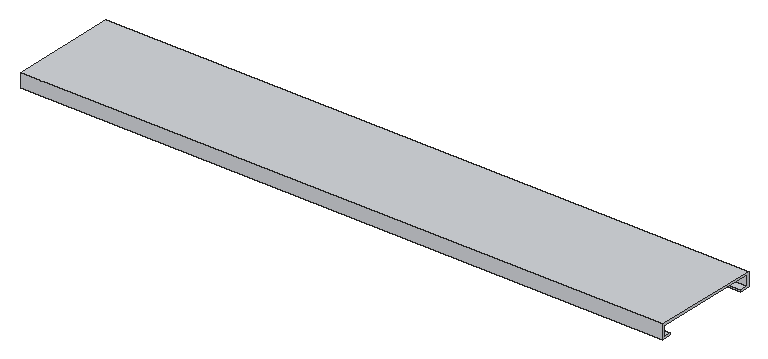
Revit family "SS Slotted Grate", category Plumbing Fixtures, Revit 2014
Parameters (values of type "GSS")
  Width = 6.00"
  Void Length = 37.00"
  URL = "www.siouxchief.com"
  Model = ".865-GSS"
  Manufacturer = "Sioux Chief Manufacturing"
  Length = 36.00"
  Description = "Stainless Steel Grate"
Reference planes (in)
  plane 1 "Center (Front/Back)": y = 0
  plane 2: z = 0
  plane 3 "Center (Left/Right)": x = 0
  plane 4: x = -18
  plane 5: x = 18
  plane 6: y = 3
  plane 7: y = -3
  plane 8: x = -18.5
  plane 9: x = 18.5
Forms (in)
  Extrusion 1, solid
    sketch origin (-18, 10.52407, 48) x (0, 1, 0) y (0, 0, 1)
      loop
        line (-7.52407, -48) -> (-7.52407, -47.23) -> (-13.52407, -47.23) -> (-13.52407, -48) -> (-7.52407, -48)
    from 0 to 36
  Extrusion 2, void
    sketch origin (-18, 10.52407, 48) x (0, -1, 0) y (0, 0, 1)
      loop
        line (7.62407, -47.33) -> (7.62407, -47.9) -> (8.02407, -47.9) -> (8.02407, -48) -> (13.02407, -48) -> (13.02407, -47.9) -> (13.42407, -47.9) -> (13.42407, -47.33) -> (7.62407, -47.33)
    from -36.5 to 0.5
Cuts and joins
  Extrusion 2 cuts Extrusion 1
Lines and regions (in)
  model lines
    curve 1: line (16.67215, 2.2775, 0.77) -> (16.67215, -2.2775, 0.77)
    curve 2: line (16.05215, 2.2775, 0.77) -> (16.05215, -2.2775, 0.77)
    curve 3: arc (16.05215, 2.2775, 0.77) -> (16.36215, 2.5875, 0.77) -> (16.67215, 2.2775, 0.77) r 0.31
    curve 4: arc (16.05215, -2.2775, 0.77) -> (16.36215, -2.5875, 0.77) -> (16.67215, -2.2775, 0.77) r 0.31
    curve 5: line (15.55215, 2.2775, 0.77) -> (15.55215, -2.2775, 0.77)
    curve 6: line (14.93215, 2.2775, 0.77) -> (14.93215, -2.2775, 0.77)
    curve 7: arc (14.93215, 2.2775, 0.77) -> (15.24215, 2.5875, 0.77) -> (15.55215, 2.2775, 0.77) r 0.31
    curve 8: arc (14.93215, -2.2775, 0.77) -> (15.24215, -2.5875, 0.77) -> (15.55215, -2.2775, 0.77) r 0.31
    curve 9: line (14.43215, 2.2775, 0.77) -> (14.43215, -2.2775, 0.77)
    curve 10: line (13.81215, 2.2775, 0.77) -> (13.81215, -2.2775, 0.77)
    curve 11: arc (13.81215, 2.2775, 0.77) -> (14.12215, 2.5875, 0.77) -> (14.43215, 2.2775, 0.77) r 0.31
    curve 12: arc (13.81215, -2.2775, 0.77) -> (14.12215, -2.5875, 0.77) -> (14.43215, -2.2775, 0.77) r 0.31
    curve 13: line (13.31215, 2.2775, 0.77) -> (13.31215, -2.2775, 0.77)
    curve 14: line (12.69215, 2.2775, 0.77) -> (12.69215, -2.2775, 0.77)
    curve 15: arc (12.69215, 2.2775, 0.77) -> (13.00215, 2.5875, 0.77) -> (13.31215, 2.2775, 0.77) r 0.31
    curve 16: arc (12.69215, -2.2775, 0.77) -> (13.00215, -2.5875, 0.77) -> (13.31215, -2.2775, 0.77) r 0.31
    curve 17: line (11.37215, 2.2775, 0.77) -> (11.37215, -2.2775, 0.77)
    curve 18: line (10.75215, 2.2775, 0.77) -> (10.75215, -2.2775, 0.77)
    curve 19: arc (10.75215, 2.2775, 0.77) -> (11.06215, 2.5875, 0.77) -> (11.37215, 2.2775, 0.77) r 0.31
    curve 20: arc (10.75215, -2.2775, 0.77) -> (11.06215, -2.5875, 0.77) -> (11.37215, -2.2775, 0.77) r 0.31
    curve 21: line (10.25215, 2.2775, 0.77) -> (10.25215, -2.2775, 0.77)
    curve 22: line (9.63215, 2.2775, 0.77) -> (9.63215, -2.2775, 0.77)
    curve 23: arc (9.63215, 2.2775, 0.77) -> (9.94215, 2.5875, 0.77) -> (10.25215, 2.2775, 0.77) r 0.31
    curve 24: arc (9.63215, -2.2775, 0.77) -> (9.94215, -2.5875, 0.77) -> (10.25215, -2.2775, 0.77) r 0.31
    curve 25: line (9.13215, 2.2775, 0.77) -> (9.13215, -2.2775, 0.77)
    curve 26: line (8.51215, 2.2775, 0.77) -> (8.51215, -2.2775, 0.77)
    curve 27: arc (8.51215, 2.2775, 0.77) -> (8.82215, 2.5875, 0.77) -> (9.13215, 2.2775, 0.77) r 0.31
    curve 28: arc (8.51215, -2.2775, 0.77) -> (8.82215, -2.5875, 0.77) -> (9.13215, -2.2775, 0.77) r 0.31
    curve 29: line (8.01215, 2.2775, 0.77) -> (8.01215, -2.2775, 0.77)
    curve 30: line (7.39215, 2.2775, 0.77) -> (7.39215, -2.2775, 0.77)
    curve 31: arc (7.39215, 2.2775, 0.77) -> (7.70215, 2.5875, 0.77) -> (8.01215, 2.2775, 0.77) r 0.31
    curve 32: arc (7.39215, -2.2775, 0.77) -> (7.70215, -2.5875, 0.77) -> (8.01215, -2.2775, 0.77) r 0.31
    curve 33: line (6.89215, 2.2775, 0.77) -> (6.89215, -2.2775, 0.77)
    curve 34: line (6.27215, 2.2775, 0.77) -> (6.27215, -2.2775, 0.77)
    curve 35: arc (6.27215, 2.2775, 0.77) -> (6.58215, 2.5875, 0.77) -> (6.89215, 2.2775, 0.77) r 0.31
    curve 36: arc (6.27215, -2.2775, 0.77) -> (6.58215, -2.5875, 0.77) -> (6.89215, -2.2775, 0.77) r 0.31
    curve 37: line (5.77215, 2.2775, 0.77) -> (5.77215, -2.2775, 0.77)
    curve 38: line (5.15215, 2.2775, 0.77) -> (5.15215, -2.2775, 0.77)
    curve 39: arc (5.15215, 2.2775, 0.77) -> (5.46215, 2.5875, 0.77) -> (5.77215, 2.2775, 0.77) r 0.31
    curve 40: arc (5.15215, -2.2775, 0.77) -> (5.46215, -2.5875, 0.77) -> (5.77215, -2.2775, 0.77) r 0.31
    curve 41: line (4.65215, 2.2775, 0.77) -> (4.65215, -2.2775, 0.77)
    curve 42: line (4.03215, 2.2775, 0.77) -> (4.03215, -2.2775, 0.77)
    curve 43: arc (4.03215, 2.2775, 0.77) -> (4.34215, 2.5875, 0.77) -> (4.65215, 2.2775, 0.77) r 0.31
    curve 44: arc (4.03215, -2.2775, 0.77) -> (4.34215, -2.5875, 0.77) -> (4.65215, -2.2775, 0.77) r 0.31
    curve 45: line (3.53215, 2.2775, 0.77) -> (3.53215, -2.2775, 0.77)
    curve 46: line (2.91215, 2.2775, 0.77) -> (2.91215, -2.2775, 0.77)
    curve 47: arc (2.91215, 2.2775, 0.77) -> (3.22215, 2.5875, 0.77) -> (3.53215, 2.2775, 0.77) r 0.31
    curve 48: arc (2.91215, -2.2775, 0.77) -> (3.22215, -2.5875, 0.77) -> (3.53215, -2.2775, 0.77) r 0.31
    curve 49: line (2.41215, 2.2775, 0.77) -> (2.41215, -2.2775, 0.77)
    curve 50: line (1.79215, 2.2775, 0.77) -> (1.79215, -2.2775, 0.77)
    curve 51: arc (1.79215, 2.2775, 0.77) -> (2.10215, 2.5875, 0.77) -> (2.41215, 2.2775, 0.77) r 0.31
    curve 52: arc (1.79215, -2.2775, 0.77) -> (2.10215, -2.5875, 0.77) -> (2.41215, -2.2775, 0.77) r 0.31
    curve 53: line (1.29215, 2.2775, 0.77) -> (1.29215, -2.2775, 0.77)
    curve 54: line (0.67215, 2.2775, 0.77) -> (0.67215, -2.2775, 0.77)
    curve 55: arc (0.67215, 2.2775, 0.77) -> (0.98215, 2.5875, 0.77) -> (1.29215, 2.2775, 0.77) r 0.31
    curve 56: arc (0.67215, -2.2775, 0.77) -> (0.98215, -2.5875, 0.77) -> (1.29215, -2.2775, 0.77) r 0.31
    curve 57: line (-16.67215, 2.2775, 0.77) -> (-16.67215, -2.2775, 0.77)
    curve 58: line (-16.05215, 2.2775, 0.77) -> (-16.05215, -2.2775, 0.77)
    curve 59: arc (-16.05215, 2.2775, 0.77) -> (-16.36215, 2.5875, 0.77) -> (-16.67215, 2.2775, 0.77) r 0.31
    curve 60: arc (-16.05215, -2.2775, 0.77) -> (-16.36215, -2.5875, 0.77) -> (-16.67215, -2.2775, 0.77) r 0.31
    curve 61: line (-15.55215, 2.2775, 0.77) -> (-15.55215, -2.2775, 0.77)
    curve 62: line (-14.93215, 2.2775, 0.77) -> (-14.93215, -2.2775, 0.77)
    curve 63: arc (-14.93215, 2.2775, 0.77) -> (-15.24215, 2.5875, 0.77) -> (-15.55215, 2.2775, 0.77) r 0.31
    curve 64: arc (-14.93215, -2.2775, 0.77) -> (-15.24215, -2.5875, 0.77) -> (-15.55215, -2.2775, 0.77) r 0.31
    curve 65: line (-14.43215, 2.2775, 0.77) -> (-14.43215, -2.2775, 0.77)
    curve 66: line (-13.81215, 2.2775, 0.77) -> (-13.81215, -2.2775, 0.77)
    curve 67: arc (-13.81215, 2.2775, 0.77) -> (-14.12215, 2.5875, 0.77) -> (-14.43215, 2.2775, 0.77) r 0.31
    curve 68: arc (-13.81215, -2.2775, 0.77) -> (-14.12215, -2.5875, 0.77) -> (-14.43215, -2.2775, 0.77) r 0.31
    curve 69: line (-13.31215, 2.2775, 0.77) -> (-13.31215, -2.2775, 0.77)
    curve 70: line (-12.69215, 2.2775, 0.77) -> (-12.69215, -2.2775, 0.77)
    curve 71: arc (-12.69215, 2.2775, 0.77) -> (-13.00215, 2.5875, 0.77) -> (-13.31215, 2.2775, 0.77) r 0.31
    curve 72: arc (-12.69215, -2.2775, 0.77) -> (-13.00215, -2.5875, 0.77) -> (-13.31215, -2.2775, 0.77) r 0.31
    curve 73: line (-11.37215, 2.2775, 0.77) -> (-11.37215, -2.2775, 0.77)
    curve 74: line (-10.75215, 2.2775, 0.77) -> (-10.75215, -2.2775, 0.77)
    curve 75: arc (-10.75215, 2.2775, 0.77) -> (-11.06215, 2.5875, 0.77) -> (-11.37215, 2.2775, 0.77) r 0.31
    curve 76: arc (-10.75215, -2.2775, 0.77) -> (-11.06215, -2.5875, 0.77) -> (-11.37215, -2.2775, 0.77) r 0.31
    curve 77: line (-10.25215, 2.2775, 0.77) -> (-10.25215, -2.2775, 0.77)
    curve 78: line (-9.63215, 2.2775, 0.77) -> (-9.63215, -2.2775, 0.77)
    curve 79: arc (-9.63215, 2.2775, 0.77) -> (-9.94215, 2.5875, 0.77) -> (-10.25215, 2.2775, 0.77) r 0.31
    curve 80: arc (-9.63215, -2.2775, 0.77) -> (-9.94215, -2.5875, 0.77) -> (-10.25215, -2.2775, 0.77) r 0.31
    curve 81: line (-9.13215, 2.2775, 0.77) -> (-9.13215, -2.2775, 0.77)
    curve 82: line (-8.51215, 2.2775, 0.77) -> (-8.51215, -2.2775, 0.77)
    curve 83: arc (-8.51215, 2.2775, 0.77) -> (-8.82215, 2.5875, 0.77) -> (-9.13215, 2.2775, 0.77) r 0.31
    curve 84: arc (-8.51215, -2.2775, 0.77) -> (-8.82215, -2.5875, 0.77) -> (-9.13215, -2.2775, 0.77) r 0.31
    curve 85: line (-8.01215, 2.2775, 0.77) -> (-8.01215, -2.2775, 0.77)
    curve 86: line (-7.39215, 2.2775, 0.77) -> (-7.39215, -2.2775, 0.77)
    curve 87: arc (-7.39215, 2.2775, 0.77) -> (-7.70215, 2.5875, 0.77) -> (-8.01215, 2.2775, 0.77) r 0.31
    curve 88: arc (-7.39215, -2.2775, 0.77) -> (-7.70215, -2.5875, 0.77) -> (-8.01215, -2.2775, 0.77) r 0.31
    curve 89: line (-6.89215, 2.2775, 0.77) -> (-6.89215, -2.2775, 0.77)
    curve 90: line (-6.27215, 2.2775, 0.77) -> (-6.27215, -2.2775, 0.77)
    curve 91: arc (-6.27215, 2.2775, 0.77) -> (-6.58215, 2.5875, 0.77) -> (-6.89215, 2.2775, 0.77) r 0.31
    curve 92: arc (-6.27215, -2.2775, 0.77) -> (-6.58215, -2.5875, 0.77) -> (-6.89215, -2.2775, 0.77) r 0.31
    curve 93: line (-5.77215, 2.2775, 0.77) -> (-5.77215, -2.2775, 0.77)
    curve 94: line (-5.15215, 2.2775, 0.77) -> (-5.15215, -2.2775, 0.77)
    curve 95: arc (-5.15215, 2.2775, 0.77) -> (-5.46215, 2.5875, 0.77) -> (-5.77215, 2.2775, 0.77) r 0.31
    curve 96: arc (-5.15215, -2.2775, 0.77) -> (-5.46215, -2.5875, 0.77) -> (-5.77215, -2.2775, 0.77) r 0.31
    curve 97: line (-4.65215, 2.2775, 0.77) -> (-4.65215, -2.2775, 0.77)
    curve 98: line (-4.03215, 2.2775, 0.77) -> (-4.03215, -2.2775, 0.77)
    curve 99: arc (-4.03215, 2.2775, 0.77) -> (-4.34215, 2.5875, 0.77) -> (-4.65215, 2.2775, 0.77) r 0.31
    curve 100: arc (-4.03215, -2.2775, 0.77) -> (-4.34215, -2.5875, 0.77) -> (-4.65215, -2.2775, 0.77) r 0.31
    curve 101: line (-3.53215, 2.2775, 0.77) -> (-3.53215, -2.2775, 0.77)
    curve 102: line (-2.91215, 2.2775, 0.77) -> (-2.91215, -2.2775, 0.77)
    curve 103: arc (-2.91215, 2.2775, 0.77) -> (-3.22215, 2.5875, 0.77) -> (-3.53215, 2.2775, 0.77) r 0.31
    curve 104: arc (-2.91215, -2.2775, 0.77) -> (-3.22215, -2.5875, 0.77) -> (-3.53215, -2.2775, 0.77) r 0.31
    curve 105: line (-2.41215, 2.2775, 0.77) -> (-2.41215, -2.2775, 0.77)
    curve 106: line (-1.79215, 2.2775, 0.77) -> (-1.79215, -2.2775, 0.77)
    curve 107: arc (-1.79215, 2.2775, 0.77) -> (-2.10215, 2.5875, 0.77) -> (-2.41215, 2.2775, 0.77) r 0.31
    curve 108: arc (-1.79215, -2.2775, 0.77) -> (-2.10215, -2.5875, 0.77) -> (-2.41215, -2.2775, 0.77) r 0.31
    curve 109: line (-1.29215, 2.2775, 0.77) -> (-1.29215, -2.2775, 0.77)
    curve 110: line (-0.67215, 2.2775, 0.77) -> (-0.67215, -2.2775, 0.77)
    curve 111: arc (-0.67215, 2.2775, 0.77) -> (-0.98215, 2.5875, 0.77) -> (-1.29215, 2.2775, 0.77) r 0.31
    curve 112: arc (-0.67215, -2.2775, 0.77) -> (-0.98215, -2.5875, 0.77) -> (-1.29215, -2.2775, 0.77) r 0.31
    curve 113: circle (-15.80215, 2.625, 0.77) r 0.1 normal (0, 0, 1)
    curve 114: circle (-15.80215, -2.625, 0.77) r 0.1 normal (0, 0, -1)
    curve 115: circle (-14.68215, 2.625, 0.77) r 0.1 normal (0, 0, 1)
    curve 116: circle (-14.68215, -2.625, 0.77) r 0.1 normal (0, 0, -1)
    curve 117: circle (-13.56215, 2.625, 0.77) r 0.1 normal (0, 0, 1)
    curve 118: circle (-13.56215, -2.625, 0.77) r 0.1 normal (0, 0, -1)
    curve 119: circle (-10.50215, 2.625, 0.77) r 0.1 normal (0, 0, 1)
    curve 120: circle (-10.50215, -2.625, 0.77) r 0.1 normal (0, 0, -1)
    curve 121: circle (-9.38215, 2.625, 0.77) r 0.1 normal (0, 0, 1)
    curve 122: circle (-9.38215, -2.625, 0.77) r 0.1 normal (0, 0, -1)
    curve 123: circle (-8.26215, 2.625, 0.77) r 0.1 normal (0, 0, 1)
    curve 124: circle (-8.26215, -2.625, 0.77) r 0.1 normal (0, 0, -1)
    curve 125: circle (-7.14215, 2.625, 0.77) r 0.1 normal (0, 0, 1)
    curve 126: circle (-7.14215, -2.625, 0.77) r 0.1 normal (0, 0, -1)
    curve 127: circle (-6.02215, 2.625, 0.77) r 0.1 normal (0, 0, 1)
    curve 128: circle (-6.02215, -2.625, 0.77) r 0.1 normal (0, 0, -1)
    curve 129: circle (-4.90215, 2.625, 0.77) r 0.1 normal (0, 0, 1)
    curve 130: circle (-4.90215, -2.625, 0.77) r 0.1 normal (0, 0, -1)
    curve 131: circle (-3.78215, 2.625, 0.77) r 0.1 normal (0, 0, 1)
    curve 132: circle (-3.78215, -2.625, 0.77) r 0.1 normal (0, 0, -1)
    curve 133: circle (-2.66215, 2.625, 0.77) r 0.1 normal (0, 0, 1)
    curve 134: circle (-2.66215, -2.625, 0.77) r 0.1 normal (0, 0, -1)
    curve 135: circle (-1.54215, 2.625, 0.77) r 0.1 normal (0, 0, 1)
    curve 136: circle (-1.54215, -2.625, 0.77) r 0.1 normal (0, 0, -1)
    curve 137: circle (1.54215, 2.625, 0.77) r 0.1 normal (0, 0, 1)
    curve 138: circle (1.54215, -2.625, 0.77) r 0.1 normal (0, 0, -1)
    curve 139: circle (2.66215, 2.625, 0.77) r 0.1 normal (0, 0, 1)
    curve 140: circle (2.66215, -2.625, 0.77) r 0.1 normal (0, 0, -1)
    curve 141: circle (3.78215, 2.625, 0.77) r 0.1 normal (0, 0, 1)
    curve 142: circle (3.78215, -2.625, 0.77) r 0.1 normal (0, 0, -1)
    curve 143: circle (4.90215, 2.625, 0.77) r 0.1 normal (0, 0, 1)
    curve 144: circle (4.90215, -2.625, 0.77) r 0.1 normal (0, 0, -1)
    curve 145: circle (6.02215, 2.625, 0.77) r 0.1 normal (0, 0, 1)
    curve 146: circle (6.02215, -2.625, 0.77) r 0.1 normal (0, 0, -1)
    curve 147: circle (7.14215, 2.625, 0.77) r 0.1 normal (0, 0, 1)
    curve 148: circle (7.14215, -2.625, 0.77) r 0.1 normal (0, 0, -1)
    curve 149: circle (8.26215, 2.625, 0.77) r 0.1 normal (0, 0, 1)
    curve 150: circle (8.26215, -2.625, 0.77) r 0.1 normal (0, 0, -1)
    curve 151: circle (9.38215, 2.625, 0.77) r 0.1 normal (0, 0, 1)
    curve 152: circle (9.38215, -2.625, 0.77) r 0.1 normal (0, 0, -1)
    curve 153: circle (10.50215, 2.625, 0.77) r 0.1 normal (0, 0, 1)
    curve 154: circle (10.50215, -2.625, 0.77) r 0.1 normal (0, 0, -1)
    curve 155: circle (13.56215, 2.625, 0.77) r 0.1 normal (0, 0, 1)
    curve 156: circle (13.56215, -2.625, 0.77) r 0.1 normal (0, 0, -1)
    curve 157: circle (14.68215, 2.625, 0.77) r 0.1 normal (0, 0, 1)
    curve 158: circle (14.68215, -2.625, 0.77) r 0.1 normal (0, 0, -1)
    curve 159: circle (15.80215, 2.625, 0.77) r 0.1 normal (0, 0, 1)
    curve 160: circle (15.80215, -2.625, 0.77) r 0.1 normal (0, 0, -1)
    curve 161: circle (-12.03215, 2.625, 0.77) r 0.1 normal (0, 0, 1)
    curve 162: circle (-12.03215, -2.625, 0.77) r 0.1 normal (0, 0, -1)
    curve 163: circle (-0.01215, 2.625, 0.77) r 0.1 normal (0, 0, 1)
    curve 164: circle (-0.01215, -2.625, 0.77) r 0.1 normal (0, 0, -1)
    curve 165: circle (12.03215, 2.625, 0.77) r 0.1 normal (0, 0, 1)
    curve 166: circle (12.03215, -2.625, 0.77) r 0.1 normal (0, 0, -1)
    curve 167: circle (17.33215, 2.625, 0.77) r 0.1 normal (0, 0, 1)
    curve 168: circle (17.33215, -2.625, 0.77) r 0.1 normal (0, 0, -1)
    curve 169: circle (-15.80215, 0, 0.77) r 0.1 normal (0, 0, -1)
    curve 170: circle (-14.68215, 0, 0.77) r 0.1 normal (0, 0, -1)
    curve 171: circle (-13.56215, 0, 0.77) r 0.1 normal (0, 0, -1)
    curve 172: circle (-10.50215, 0, 0.77) r 0.1 normal (0, 0, -1)
    curve 173: circle (-9.38215, 0, 0.77) r 0.1 normal (0, 0, -1)
    curve 174: circle (-8.26215, 0, 0.77) r 0.1 normal (0, 0, -1)
    curve 175: circle (-7.14215, 0, 0.77) r 0.1 normal (0, 0, -1)
    curve 176: circle (-6.02215, 0, 0.77) r 0.1 normal (0, 0, -1)
    curve 177: circle (-4.90215, 0, 0.77) r 0.1 normal (0, 0, -1)
    curve 178: circle (-3.78215, 0, 0.77) r 0.1 normal (0, 0, -1)
    curve 179: circle (-2.66215, 0, 0.77) r 0.1 normal (0, 0, -1)
    curve 180: circle (-1.54215, 0, 0.77) r 0.1 normal (0, 0, -1)
    curve 181: circle (1.54215, 0, 0.77) r 0.1 normal (0, 0, -1)
    curve 182: circle (2.66215, 0, 0.77) r 0.1 normal (0, 0, -1)
    curve 183: circle (3.78215, 0, 0.77) r 0.1 normal (0, 0, -1)
    curve 184: circle (4.90215, 0, 0.77) r 0.1 normal (0, 0, -1)
    curve 185: circle (6.02215, 0, 0.77) r 0.1 normal (0, 0, -1)
    curve 186: circle (7.14215, 0, 0.77) r 0.1 normal (0, 0, -1)
    curve 187: circle (8.26215, 0, 0.77) r 0.1 normal (0, 0, -1)
    curve 188: circle (9.38215, 0, 0.77) r 0.1 normal (0, 0, -1)
    curve 189: circle (10.50215, 0, 0.77) r 0.1 normal (0, 0, -1)
    curve 190: circle (13.56215, 0, 0.77) r 0.1 normal (0, 0, -1)
    curve 191: circle (14.68215, 0, 0.77) r 0.1 normal (0, 0, -1)
    curve 192: circle (15.80215, 0, 0.77) r 0.1 normal (0, 0, -1)
    curve 193: circle (-12.03215, 0, 0.77) r 0.3 normal (0, 0, -1)
    curve 194: circle (-0.01215, 0, 0.77) r 0.3 normal (0, 0, -1)
    curve 195: circle (12.03215, 0, 0.77) r 0.3 normal (0, 0, -1)
    curve 196: circle (17.33215, 0, 0.77) r 0.1 normal (0, 0, -1)
Dimensions and locks (in)
  equal spacing: plane 4, plane 3 "Center (Left/Right)", plane 5
  "Length": plane 4 to plane 5
  equal spacing: plane 6, plane 1 "Center (Front/Back)", plane 7
  "Width": plane 6 to plane 7
  "Void Length": plane 8 to plane 9
  locked: plane 8 to plane 3 "Center (Left/Right)" at 18.5
  aligned and locked: plane 2 to level
  aligned and locked: Extrusion 1 to plane 4
  aligned and locked: Extrusion 1 to plane 5
  aligned and locked: plane 9 to Extrusion 2
  aligned and locked: Extrusion 2 to plane 8
Automatic sketch dimensions
  curve 139 to Extrusion 1 = 0.375"
  curve 167 to Extrusion 1 = 0.375"
  curve 115 to Extrusion 1 = 0.375"
  curve 165 to Extrusion 1 = 0.375"
  curve 117 to Extrusion 1 = 0.375"
  curve 119 to Extrusion 1 = 0.375"
  curve 121 to Extrusion 1 = 0.375"
  curve 163 to Extrusion 1 = 0.375"
  curve 161 to Extrusion 1 = 0.375"
  curve 159 to Extrusion 1 = 0.375"
  curve 123 to Extrusion 1 = 0.375"
  curve 157 to Extrusion 1 = 0.375"
  curve 125 to Extrusion 1 = 0.375"
  curve 155 to Extrusion 1 = 0.375"
  curve 127 to Extrusion 1 = 0.375"
  curve 129 to Extrusion 1 = 0.375"
  curve 131 to Extrusion 1 = 0.375"
  curve 153 to Extrusion 1 = 0.375"
  curve 151 to Extrusion 1 = 0.375"
  curve 149 to Extrusion 1 = 0.375"
  curve 133 to Extrusion 1 = 0.375"
  curve 147 to Extrusion 1 = 0.375"
  curve 135 to Extrusion 1 = 0.375"
  curve 145 to Extrusion 1 = 0.375"
  curve 137 to Extrusion 1 = 0.375"
  curve 113 to Extrusion 1 = 0.375"
  curve 141 to Extrusion 1 = 0.375"
  curve 143 to Extrusion 1 = 0.375"
  curve 155 to curve 13 = 0.3475"
  curve 157 to curve 11 = 0.3475"
  curve 17 to Extrusion 1 = 0.7225"
  curve 159 to curve 7 = 0.3475"
  curve 153 to curve 21 = 0.3475"
  curve 159 to curve 3 = 0.3475"
  curve 151 to curve 25 = 0.3475"
  curve 135 to curve 111 = 0.3475"
  curve 149 to curve 29 = 0.3475"
  curve 135 to curve 107 = 0.3475"
  curve 147 to curve 33 = 0.3475"
  curve 133 to curve 103 = 0.3475"
  curve 145 to curve 37 = 0.3475"
  curve 131 to curve 99 = 0.3475"
  curve 143 to curve 41 = 0.3475"
  curve 129 to curve 95 = 0.3475"
  curve 141 to curve 45 = 0.3475"
  curve 127 to curve 91 = 0.3475"
  curve 139 to curve 49 = 0.3475"
  curve 125 to curve 87 = 0.3475"
  curve 137 to curve 53 = 0.3475"
  curve 123 to curve 83 = 0.3475"
  curve 57 to Extrusion 1 = 0.7225"  (x2)
  curve 121 to curve 79 = 0.3475"
  curve 113 to curve 61 = 0.3475"
  curve 119 to curve 75 = 0.3475"
  curve 115 to curve 65 = 0.3475"
  curve 117 to curve 71 = 0.3475"
  Extrusion 1 to curve 196 = 0.66785"
  curve 1 to curve 196 = 2.2775"
  curve 62 to curve 170 = 2.2775"
  curve 170 to curve 171 = 0.00"
  curve 74 to curve 172 = 2.2775"
  curve 172 to curve 173 = 0.00"
  curve 173 to curve 174 = 0.00"
  curve 174 to curve 175 = 0.00"
  curve 175 to curve 176 = 0.00"
  curve 176 to curve 177 = 0.00"
  curve 177 to curve 178 = 0.00"
  curve 178 to curve 179 = 0.00"
  curve 179 to curve 180 = 0.00"
  curve 51 to curve 181 = 2.2775"
  curve 181 to curve 182 = 0.00"
  curve 182 to curve 183 = 0.00"
  curve 183 to curve 184 = 0.00"
  curve 184 to curve 185 = 0.00"
  curve 185 to curve 186 = 0.00"
  curve 186 to curve 187 = 0.00"
  curve 187 to curve 188 = 0.00"
  curve 188 to curve 189 = 0.00"
  curve 15 to curve 190 = 2.2775"
  curve 190 to curve 191 = 0.00"
  curve 191 to curve 192 = 0.00"
  curve 193 to curve 172 = 0.00"
  curve 180 to curve 194 = 0.00"
  curve 189 to curve 195 = 0.00"
  curve 169 to curve 170 = 0.00"
  curve 80 to Extrusion 1 = 0.7225"
  curve 56 to Extrusion 1 = 0.7225"
  curve 80 to curve 81 = 0.00"
  curve 52 to Extrusion 1 = 0.7225"
  curve 84 to curve 85 = 0.00"
  curve 48 to Extrusion 1 = 0.7225"
  curve 88 to curve 89 = 0.00"
  curve 44 to Extrusion 1 = 0.7225"
  curve 92 to curve 93 = 0.00"
  curve 40 to Extrusion 1 = 0.7225"
  curve 96 to curve 97 = 0.00"
  curve 36 to Extrusion 1 = 0.7225"
  curve 102 to Extrusion 1 = 0.7225"
  curve 32 to Extrusion 1 = 0.7225"
  curve 104 to curve 105 = 0.00"
  curve 28 to Extrusion 1 = 0.7225"
  curve 108 to curve 109 = 0.00"
  curve 24 to Extrusion 1 = 0.7225"
  curve 20 to Extrusion 1 = 0.7225"
  curve 76 to Extrusion 1 = 0.7225"
  curve 16 to Extrusion 1 = 0.7225"
  curve 60 to curve 61 = 0.00"
  curve 12 to Extrusion 1 = 0.7225"
  curve 72 to Extrusion 1 = 0.7225"
  curve 8 to Extrusion 1 = 0.7225"
  curve 64 to curve 65 = 0.00"
  curve 4 to Extrusion 1 = 0.7225"
  curve 166 to Extrusion 1 = 0.375"
  curve 164 to Extrusion 1 = 0.375"
  curve 162 to Extrusion 1 = 0.375"
  curve 160 to Extrusion 1 = 0.375"
  curve 158 to Extrusion 1 = 0.375"
  curve 156 to Extrusion 1 = 0.375"
  curve 154 to Extrusion 1 = 0.375"
  curve 152 to Extrusion 1 = 0.375"
  curve 150 to Extrusion 1 = 0.375"
  curve 148 to Extrusion 1 = 0.375"
  curve 146 to Extrusion 1 = 0.375"
  curve 144 to Extrusion 1 = 0.375"
  curve 142 to Extrusion 1 = 0.375"
  curve 140 to Extrusion 1 = 0.375"
  curve 138 to Extrusion 1 = 0.375"
  curve 136 to Extrusion 1 = 0.375"
  curve 134 to Extrusion 1 = 0.375"
  curve 132 to Extrusion 1 = 0.375"
  curve 130 to Extrusion 1 = 0.375"
  curve 128 to Extrusion 1 = 0.375"
  curve 126 to Extrusion 1 = 0.375"
  curve 124 to Extrusion 1 = 0.375"
  curve 122 to Extrusion 1 = 0.375"
  curve 120 to Extrusion 1 = 0.375"
  curve 118 to Extrusion 1 = 0.375"
  curve 116 to Extrusion 1 = 0.375"
  curve 114 to Extrusion 1 = 0.375"
  curve 168 to Extrusion 1 = 0.375"
  Extrusion 1 to curve 167 = 0.66785"
  curve 1 to curve 167 = 0.66"
  curve 4 to curve 4 = 0.31"
  curve 160 to curve 4 = 0.25"
  curve 159 to curve 3 = 0.25"
  curve 192 to curve 196 = 1.53"
  curve 5 to curve 160 = 0.25"
  curve 7 to curve 5 = 0.31"
  curve 157 to curve 7 = 0.25"
  curve 158 to curve 8 = 0.25"
  curve 191 to curve 192 = 1.12"
  curve 9 to curve 158 = 0.25"
  curve 12 to curve 12 = 0.31"
  curve 190 to curve 191 = 1.12"
  curve 156 to curve 12 = 0.25"
  curve 155 to curve 11 = 0.25"
  curve 13 to curve 156 = 0.25"
  curve 15 to curve 13 = 0.31"
  curve 195 to curve 190 = 1.53"
  curve 165 to curve 14 = 0.66"
  curve 166 to curve 16 = 0.66"
  curve 17 to curve 165 = 0.66"
  curve 19 to curve 17 = 0.31"
  curve 189 to curve 195 = 1.53"
  curve 154 to curve 20 = 0.25"
  curve 153 to curve 18 = 0.25"
  curve 21 to curve 154 = 0.25"
  curve 24 to curve 24 = 0.31"
  curve 188 to curve 189 = 1.12"
  curve 152 to curve 24 = 0.25"
  curve 151 to curve 22 = 0.25"
  curve 25 to curve 152 = 0.25"
  curve 28 to curve 28 = 0.31"
  curve 149 to curve 26 = 0.25"
  curve 187 to curve 188 = 1.12"
  curve 150 to curve 28 = 0.25"
  curve 29 to curve 149 = 0.25"
  curve 31 to curve 29 = 0.31"
  curve 147 to curve 30 = 0.25"
  curve 186 to curve 187 = 1.12"
  curve 148 to curve 32 = 0.25"
  curve 33 to curve 147 = 0.25"
  curve 36 to curve 36 = 0.31"
  curve 145 to curve 34 = 0.25"
  curve 146 to curve 36 = 0.25"
  curve 185 to curve 186 = 1.12"
  curve 37 to curve 146 = 0.25"
  curve 40 to curve 40 = 0.31"
  curve 144 to curve 40 = 0.25"
  curve 143 to curve 38 = 0.25"
  curve 184 to curve 185 = 1.12"
  curve 41 to curve 144 = 0.25"
  curve 43 to curve 41 = 0.31"
  curve 183 to curve 184 = 1.12"
  curve 141 to curve 42 = 0.25"
  curve 142 to curve 44 = 0.25"
  curve 45 to curve 142 = 0.25"
  curve 47 to curve 45 = 0.31"
  curve 182 to curve 183 = 1.12"
  curve 140 to curve 48 = 0.25"
  curve 139 to curve 46 = 0.25"
  curve 49 to curve 139 = 0.25"
  curve 51 to curve 49 = 0.31"
  curve 137 to curve 50 = 0.25"
  curve 138 to curve 52 = 0.25"
  curve 181 to curve 182 = 1.12"
  curve 53 to curve 137 = 0.25"
  curve 56 to curve 53 = 0.31"
  curve 163 to curve 54 = 0.68431"
  curve 164 to curve 56 = 0.68431"
  curve 194 to curve 181 = 1.55431"
  curve 110 to curve 164 = 0.66"
  curve 112 to curve 110 = 0.31"
  curve 180 to curve 194 = 1.53"
  curve 136 to curve 109 = 0.25"
  curve 135 to curve 111 = 0.25"
  curve 106 to curve 135 = 0.25"
  curve 108 to curve 106 = 0.31"
  curve 133 to curve 107 = 0.25"
  curve 134 to curve 105 = 0.25"
  curve 179 to curve 180 = 1.12"
  curve 102 to curve 134 = 0.25"
  curve 104 to curve 102 = 0.31"
  curve 178 to curve 179 = 1.12"
  curve 132 to curve 101 = 0.25"
  curve 131 to curve 103 = 0.25"
  curve 98 to curve 131 = 0.25"
  curve 100 to curve 98 = 0.31"
  curve 129 to curve 99 = 0.25"
  curve 130 to curve 97 = 0.25"
  curve 177 to curve 178 = 1.12"
  curve 94 to curve 129 = 0.25"
  curve 96 to curve 94 = 0.31"
  curve 127 to curve 95 = 0.25"
  curve 128 to curve 93 = 0.25"
  curve 176 to curve 177 = 1.12"
  curve 90 to curve 128 = 0.25"
  curve 91 to curve 90 = 0.31"
  curve 125 to curve 91 = 0.25"
  curve 175 to curve 176 = 1.12"
  curve 126 to curve 89 = 0.25"
  curve 86 to curve 126 = 0.25"
  curve 87 to curve 86 = 0.31"
  curve 123 to curve 87 = 0.25"
  curve 174 to curve 175 = 1.12"
  curve 124 to curve 85 = 0.25"
  curve 82 to curve 123 = 0.25"
  curve 84 to curve 82 = 0.31"
  curve 122 to curve 81 = 0.25"
  curve 173 to curve 174 = 1.12"
  curve 121 to curve 83 = 0.25"
  curve 78 to curve 121 = 0.25"
  curve 80 to curve 78 = 0.31"
  curve 120 to curve 77 = 0.25"
  curve 172 to curve 173 = 1.12"
  curve 119 to curve 79 = 0.25"
  curve 74 to curve 120 = 0.25"
  curve 76 to curve 74 = 0.31"
  curve 193 to curve 172 = 1.53"
  curve 161 to curve 73 = 0.66"
  curve 162 to curve 73 = 0.66"
  curve 70 to curve 162 = 0.66"
  curve 71 to curve 70 = 0.31"
  curve 117 to curve 71 = 0.25"
  curve 171 to curve 193 = 1.53"
  curve 118 to curve 69 = 0.25"
  curve 66 to curve 118 = 0.25"
  curve 67 to curve 66 = 0.31"
  curve 116 to curve 65 = 0.25"
  curve 170 to curve 171 = 1.12"
  curve 115 to curve 67 = 0.25"
  curve 62 to curve 115 = 0.25"
  curve 64 to curve 62 = 0.31"
  curve 114 to curve 61 = 0.25"
  curve 169 to curve 170 = 1.12"
  curve 113 to curve 63 = 0.25"
  curve 58 to curve 113 = 0.25"
  curve 60 to curve 58 = 0.31"
  Extrusion 1 to curve 168 = 0.66785"
  Extrusion 1 sketch curve to level = 0.00"
  Extrusion 1 sketch curve to plane 7 = 0.00"
  Extrusion 1 sketch curve to plane 6 = 0.00"
  Extrusion 1 sketch curve to Extrusion 1 sketch curve = 0.77"
  Extrusion 2 sketch curve to level = 0.00"
  Extrusion 2 sketch curve to plane 6 = 0.10"
  level to Extrusion 2 sketch curve = 0.10"  (x2)
  Extrusion 2 sketch curve to Extrusion 2 sketch curve = 0.40"
  Extrusion 2 sketch curve to plane 7 = 0.50"
  Extrusion 2 sketch curve to plane 7 = 0.10"
  Extrusion 2 sketch curve to Extrusion 2 sketch curve = 0.57"
  radius of curve 113 = 0.10"
  radius of curve 114 = 0.10"
  radius of curve 115 = 0.10"
  radius of curve 116 = 0.10"
  radius of curve 117 = 0.10"
  radius of curve 118 = 0.10"
  radius of curve 119 = 0.10"
  radius of curve 120 = 0.10"
  radius of curve 121 = 0.10"
  radius of curve 122 = 0.10"
  radius of curve 123 = 0.10"
  radius of curve 124 = 0.10"
  radius of curve 125 = 0.10"
  radius of curve 126 = 0.10"
  radius of curve 127 = 0.10"
  radius of curve 128 = 0.10"
  radius of curve 129 = 0.10"
  radius of curve 130 = 0.10"
  radius of curve 131 = 0.10"
  radius of curve 132 = 0.10"
  radius of curve 133 = 0.10"
  radius of curve 134 = 0.10"
  radius of curve 135 = 0.10"
  radius of curve 136 = 0.10"
  radius of curve 137 = 0.10"
  radius of curve 138 = 0.10"
  radius of curve 139 = 0.10"
  radius of curve 140 = 0.10"
  radius of curve 141 = 0.10"
  radius of curve 142 = 0.10"
  radius of curve 143 = 0.10"
  radius of curve 144 = 0.10"
  radius of curve 145 = 0.10"
  radius of curve 146 = 0.10"
  radius of curve 147 = 0.10"
  radius of curve 148 = 0.10"
  radius of curve 149 = 0.10"
  radius of curve 150 = 0.10"
  radius of curve 151 = 0.10"
  radius of curve 152 = 0.10"
  radius of curve 153 = 0.10"
  radius of curve 154 = 0.10"
  radius of curve 155 = 0.10"
  radius of curve 156 = 0.10"
  radius of curve 157 = 0.10"
  radius of curve 158 = 0.10"
  radius of curve 159 = 0.10"
  radius of curve 160 = 0.10"
  radius of curve 161 = 0.10"
  radius of curve 162 = 0.10"
  radius of curve 163 = 0.10"
  radius of curve 164 = 0.10"
  radius of curve 165 = 0.10"
  radius of curve 166 = 0.10"
  radius of curve 167 = 0.10"
  radius of curve 168 = 0.10"
  radius of curve 169 = 0.10"
  radius of curve 170 = 0.10"
  radius of curve 171 = 0.10"
  radius of curve 172 = 0.10"
  radius of curve 173 = 0.10"
  radius of curve 174 = 0.10"
  radius of curve 175 = 0.10"
  radius of curve 176 = 0.10"
  radius of curve 177 = 0.10"
  radius of curve 178 = 0.10"
  radius of curve 179 = 0.10"
  radius of curve 180 = 0.10"
  radius of curve 181 = 0.10"
  radius of curve 182 = 0.10"
  radius of curve 183 = 0.10"
  radius of curve 184 = 0.10"
  radius of curve 185 = 0.10"
  radius of curve 186 = 0.10"
  radius of curve 187 = 0.10"
  radius of curve 188 = 0.10"
  radius of curve 189 = 0.10"
  radius of curve 190 = 0.10"
  radius of curve 191 = 0.10"
  radius of curve 192 = 0.10"
  radius of curve 194 = 0.30"
  radius of curve 195 = 0.30"
  radius of curve 196 = 0.10"
  radius of curve 193 = 0.30"
